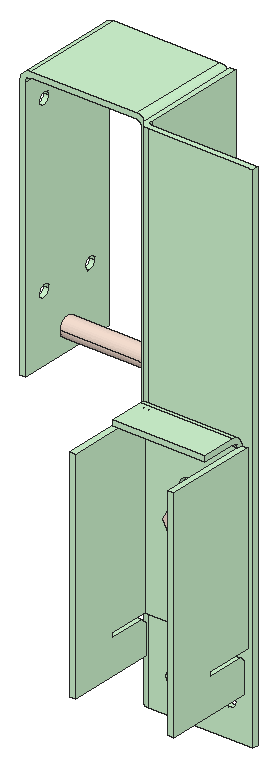
Revit family "ac-L100_c100_gyaku_ver_2022", category 機械設備, Revit 2022
Family settings
  丸型コネクタ寸法 = 直径を使用
  種別 = なし
  パーツ タイプ = 標準
  作業面ベース = いいえ
  常に垂直 = はい
  ロード時にボイドで切り取り = いいえ
  注釈の向きを維持 = いいえ
  共有 = いいえ
  部屋計算ポイント = いいえ
Parameters
  製造元 = "株式会社桐井製作所"
  既定の高さ = 0 mm
  URL = "https://www.kirii.co.jp/"
  K_板厚(mm) = 2.3 mm
  K_品名 = "KIRIIアングルクランプL100(C100用)逆"
  K_名称 = "支持構造部接合金具"
  K_バージョン情報 = "240619"
Reference planes
  plane 1 "中心(正面/背面)": y = 0
  plane 2: z = 0
  plane 3 "中心(左/右)": x = 0
Forms (mm)
  Extrusion 1, solid, material "06補強金具・金具・その他"
    sketch origin (2.3, 0, 80) x (1, 0, 0) y (0, 1, 0)
      loop
        line (2.3, -5) -> (47.7, -5) -> (47.7, -2.7) -> (2.3, -2.7)
        arc (2.3, -2.7) -> (0.674, -2.026) -> (0, -0.4) r 2.3
        line (0, -0.4) -> (0, 45) -> (-2.3, 45) -> (-2.3, -0.4)
        arc (-2.3, -0.4) -> (-0.953, -3.653) -> (2.3, -5) r 4.6
    from 145 to -80
  Extrusion 2, solid, material "06補強金具・金具・その他"
    sketch origin (0, 0, 80) x (1, 0, 0) y (0, 0, 1)
      loop
        circle (25, 0) r 5
      loop
        circle (25, 0) r 4.5
    from 2.7 to 0
  Extrusion 3, solid, material "06補強金具・金具・その他"
    sketch origin (0, 0, 80) x (0, 1, 0) y (0, 0, 1)
      loop
        arc (-5, 36) -> (-6.347, 39.253) -> (-9.6, 40.6) r 4.6
        line (-9.6, 40.6) -> (-25, 40.6) -> (-25, 38.3) -> (-9.6, 38.3)
        arc (-9.6, 38.3) -> (-7.974, 37.626) -> (-7.3, 36) r 2.3
        line (-7.3, 36) -> (-7.3, -42) -> (-5, -42) -> (-5, 36)
    from 5 to 45
  Extrusion 4, solid, material "06補強金具・金具・その他"
    sketch origin (0, 0, 80) x (1, 0, 0) y (0, 0, 1)
      loop
        line (2.3, 36) -> (2.3, -59) -> (5, -59) -> (5, 36) -> (2.3, 36)
      loop
        line (45, 36) -> (45, -59) -> (47.7, -59) -> (47.7, 36) -> (45, 36)
    from 5 to 45
  Extrusion 5, void
    sketch origin (0, 0, 80) x (0, 1, 0) y (0, 0, 1)
      loop
        line (-25.5, -42) -> (-25.5, -44) -> (-9, -44) -> (-7, -46) -> (-7, -59) -> (-5, -59) -> (-5, -42) -> (-25.5, -42)
    from 5 to 2.3
  Extrusion 6, void
    sketch origin (0, 0, 80) x (1, 0, 0) y (0, 0, 1)
      loop
        circle (25, 0) r 4.5
    from 5 to 2.7
  Extrusion 7, void
    sketch origin (0, 0, 80) x (1, 0, 0) y (0, 0, 1)
      loop
        arc (30.25, 12.25) -> (28.712, 15.962) -> (25, 17.5) r 5.25
        arc (25, 17.5) -> (21.288, 15.962) -> (19.75, 12.25) r 5.25
        line (19.75, 12.25) -> (19.75, -12.25)
        arc (19.75, -12.25) -> (21.288, -15.962) -> (25, -17.5) r 5.25
        arc (25, -17.5) -> (28.712, -15.962) -> (30.25, -12.25) r 5.25
        line (30.25, -12.25) -> (30.25, 12.25)
    from 7.3 to 5
  Extrusion 8, void
    sketch origin (0, 0, 80) x (1, 0, 0) y (0, 0, 1)
      loop
        circle (25, -32) r 2.25
    from 7.3 to 5
  Extrusion 9, void
    sketch origin (0, 0, 0) x (1, 0, 0) y (0, 0, 1)
      loop
        circle (15, 15.2) r 2.75
      loop
        circle (40, 15.2) r 2.75
    from 5 to 2.7
  Extrusion 10, void
    sketch origin (0, 0, 0) x (0, 1, 0) y (0, 0, 1)
      loop
        circle (10, 210.2) r 2.75
      loop
        circle (10, 185.2) r 2.75
      loop
        circle (10, 160.2) r 2.75
      loop
        circle (10, 135.2) r 2.75
      loop
        circle (10, 110.2) r 2.75
      loop
        circle (10, 85.2) r 2.75
      loop
        circle (10, 60.2) r 2.75
      loop
        arc (27.75, 115.45) -> (22.5, 120.7) -> (17.25, 115.45) r 5.25
        line (17.25, 115.45) -> (17.25, 90.95)
        arc (17.25, 90.95) -> (22.5, 85.7) -> (27.75, 90.95) r 5.25
        line (27.75, 90.95) -> (27.75, 115.45)
      loop
        arc (27.75, 65.45) -> (22.5, 70.7) -> (17.25, 65.45) r 5.25
        line (17.25, 65.45) -> (17.25, 40.95)
        arc (17.25, 40.95) -> (22.5, 35.7) -> (27.75, 40.95) r 5.25
        line (27.75, 40.95) -> (27.75, 65.45)
    from 2.3 to 0
  Extrusion 11, solid, material "06補強金具・金具・その他"
    sketch origin (-2.3, 0, 130.616) x (1, 0, 0) y (0, 0, 1)
      loop
        line (0, -24.3) -> (2.3, -24.3) -> (2.3, 90.4)
        arc (2.3, 90.4) -> (0.953, 93.653) -> (-2.3, 95) r 4.6
        line (-2.3, 95) -> (-48.2, 95)
        arc (-48.2, 95) -> (-51.453, 93.653) -> (-52.8, 90.4) r 4.6
        line (-52.8, 90.4) -> (-52.8, -24.3) -> (-50.5, -24.3) -> (-50.5, 90.4)
        arc (-50.5, 90.4) -> (-49.826, 92.026) -> (-48.2, 92.7) r 2.3
        line (-48.2, 92.7) -> (-2.3, 92.7)
        arc (-2.3, 92.7) -> (-0.674, 92.026) -> (0, 90.4) r 2.3
        line (0, 90.4) -> (0, -24.3)
    from 0 to -45
  Extrusion 12, void
    sketch origin (0, 0, 0) x (0, 1, 0) y (0, 0, 1)
      loop
        circle (10, 210.2) r 2.75
      loop
        circle (10, 135.2) r 2.75
      loop
        circle (35, 210.2) r 2.75
      loop
        circle (35, 135.2) r 2.75
    from 0 to -2.3
  Extrusion 13, void
    sketch origin (-52.8, 0, 0) x (0, 1, 0) y (0, 0, 1)
      loop
        circle (35, 210.2) r 2.75
      loop
        circle (10, 210.2) r 2.75
      loop
        circle (35, 135.2) r 2.75
      loop
        circle (10, 135.2) r 2.75
    from 0 to -2.3
  Extrusion 14, void
    sketch origin (42.7, 0, 80) x (0, 1, 0) y (0, 0, 1)
      loop
        line (-25.5, -42) -> (-25.5, -44) -> (-9, -44) -> (-7, -46) -> (-7, -59) -> (-5, -59) -> (-5, -42) -> (-25.5, -42)
    from 5 to 2.3
Cuts and joins
  Extrusion 6, Extrusion 7, Extrusion 9, Extrusion 10, Extrusion 14 cuts Extrusion 1
  Extrusion 7, Extrusion 10, Extrusion 14 cuts Extrusion 2
  Extrusion 7, Extrusion 8, Extrusion 14 cuts Extrusion 3
  Extrusion 5, Extrusion 14 cuts Extrusion 4
  Extrusion 12, Extrusion 13, Extrusion 14 cuts Extrusion 11
  joined: Extrusion 1, Extrusion 2, Extrusion 3, Extrusion 4, Extrusion 11
Dimensions and locks
  aligned and locked: level to plane 2
Nested families
  nested 1: "M10×25ボルト" at (25, -11.3, 80) x (-1, 0, 0) z (0, 0, 1), type "M10×25ボルト"
  nested 2: "3分ボルト×L75" at (-57.1, 22.5, 116.316) x (0, -1, 0) z (0, 0, 1), type "3分ボルト×L75"
Definition of nested family "M10×25ボルト"
  Parameters (values of type "M10×25ボルト")
    Manufacturer = "株式会社桐井製作所"
    Default Elevation = 0 mm
    URL = "https://www.kirii.co.jp/"
    K_材料規格 = "M10×L25"
    K_品名 = "M10×25ボルト"
    K_名称 = "M10×25ボルト"
    K_備考 = "KIRIIアングルクランプ付属品"
  Reference planes
    plane 1 "中心(正面/背面)": y = 0
    plane 2: z = 0
    plane 3 "中心(左/右)": x = 0
    plane 4: x = 8
    plane 5: x = -8
    plane 6 "正面": y = -4
    plane 7: z = 8
    plane 8: z = -8
  Forms (mm)
    Extrusion 1, solid
      sketch origin (0, 0, 0) x (1, 0, 0) y (0, 0, 1)
        loop
          line (-4.619, 8) -> (-9.238, 0) -> (-4.619, -8) -> (4.619, -8) -> (9.238, 0) -> (4.619, 8) -> (-4.619, 8)
      from 0 to 4
    Extrusion 2, solid
      sketch origin (0, 0, 25.676) x (1, 0, 0) y (0, 0, 1)
        loop
          circle (0, -25.676) r 4.1
      from 4 to 29
  Cuts and joins
    joined: Extrusion 1, Extrusion 2
  Lines and regions (mm)
    model lines
      curve 1: circle (0, 0, 0) r 8 normal (0, -1, 0)
  Dimensions and locks
    aligned and locked: level to plane 2
Definition of nested family "3分ボルト×L75"
  Parameters (values of type "3分ボルト×L75")
    Manufacturer = "株式会社桐井製作所"
    Default Elevation = 0 mm
    URL = "https://www.kirii.co.jp/"
    K_材料規格 = "M10×L60"
    K_品名 = "M10×60ボルト"
    K_名称 = "M10×60ボルト"
    K_備考 = "KIRIIアングルクランプ付属品"
  Reference planes
    plane 1 "中心(正面/背面)": y = 2
    plane 2: z = 0
    plane 3 "中心(左/右)": x = 0
    plane 4: x = 8
    plane 5: x = -8
    plane 6 "正面": y = -4
    plane 7: z = 8.5
    plane 8: z = -8.5
    plane 9: y = -79
  Forms (mm)
    Extrusion 1, solid
      sketch origin (0, 2, 25.676) x (1, 0, 0) y (0, 0, 1)
        loop
          circle (0, -25.676) r 4.1
      from 6 to 81
    Extrusion 2, solid
      sketch origin (0, 2, 0) x (1, 0, 0) y (0, 0, 1)
        loop
          line (-4.907, 8.5) -> (-9.815, 0) -> (-4.907, -8.5) -> (4.907, -8.5) -> (9.815, 0) -> (4.907, 8.5) -> (-4.907, 8.5)
      from 0 to 6
  Lines and regions (mm)
    model lines
      curve 1: circle (0, 2, 0) r 8.5 normal (0, -1, 0)
  Dimensions and locks
    aligned and locked: level to plane 2
